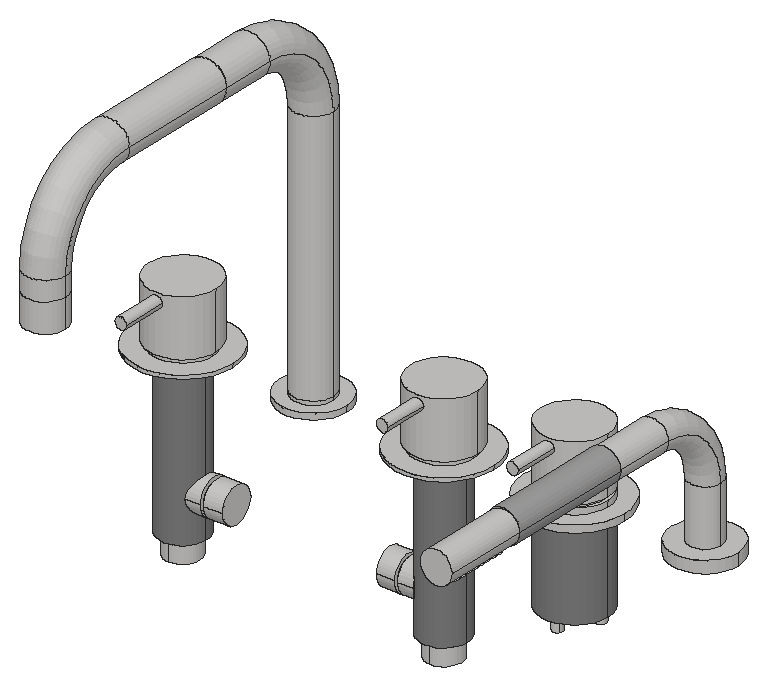
Revit family "SC11", category Plumbing Fixtures, Revit 2021
Family settings
  Round Connector Dimension = Use Diameter
  Part Type = Normal
  Work Plane-Based = No
  Always vertical = Yes
  Cut with Voids When Loaded = No
  Shared = No
  Room Calculation Point = No
Parameters
  e-mail = "info@vola.com"
  URL = "http://vola.com"
  Telephone = "+45 7023 5500"
  Quality management standard = "ISO 9001"
  Organisation no. / DUNS no. = "17531328"
  Occupational health and safety management standard = "ISO 18001"
  Mounting Instructions = "http://vola.com/service/producturl.ashx?name=SC11"
  Model = "SC11"
  Materials and components information = "http://vola.com/service/producturl.ashx?name=SC11"
  Manufacturer = "VOLA A/S"
  Maintenance Instructions = "http://vola.com/service/producturl.ashx?name=SC11"
  Guarantee = "2 years"
  Flow = "30,00 l/min"
  Environmental management standard = "ISO 14000"
  Default Elevation = 0.00 mm
  Connection - All relevant connections = "½\" and 10mm flexible hose"
  Approvals = "http://vola.com/service/producturl.ashx?name=SC11"
Reference planes
  plane 1 "Center (Front/Back)": y = 0
  plane 2: z = 0
  plane 3 "Center (Left/Right)": x = 0
Dimensions and locks
  aligned and locked: plane 2 to level
Nested families
  nested 1: "090D" at (0, 0, 0), type "090D"
  nested 2: "500T1" at (234, 0, 0), type "500T1"
  nested 3: "S50" at (78, 0, 0), type "S50"
  nested 4: "001" at (78, 0, 0), type "001"
  nested 5: "001" at (-78, 0, 0), type "001"
  nested 6: "S50" at (-78, 0, 0) x (-1, 0, 0) z (0, 0, 1), type "S50"
Connectors
  piping at (166.825, 6.25, -63), diameter 6
    settings: on nested 2, index 1, connector inside diameter 0.23622", connector length 0.00 mm, flow factor 0, pipe flow 0 GPM, pressure drop 0.00 psi, fitting loss kfactor 0, connector angle 0.00°, fixture units 0, engagement length 0.00 mm, angle of deflection 0.00°, flow configuration 0, flow direction 1, fitting loss method 0, system type 20, joint type 0, gender type 0, connector reference index -1, connector utility 0, adjustable connector no, is connector primary yes, connector description ""
  piping at (145.175, 6.25, -63), diameter 6
    settings: on nested 2, index 2, connector inside diameter 0.23622", connector length 0.00 mm, flow factor 0, pipe flow 0 GPM, pressure drop 0.00 psi, fitting loss kfactor 0, connector angle 0.00°, fixture units 0, engagement length 0.00 mm, angle of deflection 0.00°, flow configuration 0, flow direction 1, fitting loss method 0, system type 19, joint type 0, gender type 0, connector reference index -1, connector utility 0, adjustable connector no, is connector primary no, connector description ""
  piping at (78, 0, -110), diameter 20.9
    settings: on nested 3, index 3, connector inside diameter 0.82283", connector length 0.00 mm, flow factor 0, pipe flow 0 GPM, pressure drop 0.00 psi, fitting loss kfactor 0, connector angle 0.00°, fixture units 0, engagement length 0.00 mm, angle of deflection 0.00°, flow configuration 0, flow direction 1, fitting loss method 0, system type 20, joint type 0, gender type 0, connector reference index -1, connector utility 0, adjustable connector no, is connector primary no, connector description ""
  piping at (-78, 0, -110), diameter 20.9
    settings: on nested 6, index 4, connector inside diameter 0.82283", connector length 0.00 mm, flow factor 0, pipe flow 0 GPM, pressure drop 0.00 psi, fitting loss kfactor 0, connector angle 0.00°, fixture units 0, engagement length 0.00 mm, angle of deflection 0.00°, flow configuration 0, flow direction 1, fitting loss method 0, system type 19, joint type 0, gender type 0, connector reference index -1, connector utility 0, adjustable connector no, is connector primary no, connector description ""
Definition of nested family "090D"
  Parameters
    e-mail = "info@vola.com"
    URL = "http://vola.com"
    Telephone = "+45 7023 5500"
    Quality management standard = "ISO 9001"
    Organisation no. / DUNS no. = "17531328"
    Occupational health and safety management standard = "ISO 18001"
    Mounting Instructions = "http://vola.com/service/producturl.ashx?name=090D"
    Model = "090D"
    Materials and components information = "http://vola.com/service/producturl.ashx?name=090D"
    Manufacturer = "VOLA A/S"
    Maintenance Instructions = "http://vola.com/service/producturl.ashx?name=090D"
    Guarantee = "2 years"
    Environmental management standard = "ISO 14000"
    Default Elevation = 0.00 mm
    Connection - All relevant connections = ""
    Approvals = "http://vola.com/service/producturl.ashx?name=090D"
  Reference planes
    plane 1 "Center (Front/Back)": y = 0
    plane 2: z = 0
    plane 3 "Center (Left/Right)": x = 0
  Forms (mm)
    Sweep 1, solid
      path origin (0, 0, -1) x (0, 1, 0) y (0, 0, 1)
        loop
          line (0, 6.5) -> (0, 159)
          arc (0, 159) -> (-13.912, 192.588) -> (-47.5, 206.5) r 47.5
          line (-47.5, 206.5) -> (-80, 206.5)
      profile origin (0, 0, 81.75) x (0, -1, 0) y (1, 0, 0)
        loop
          circle (0, 0) r 12
    Extrusion 2, solid
      sketch origin (0, 0, 0) x (1, 0, 0) y (0, 1, 0)
        loop
          circle (0, 0) r 20
      from 0 to 3.5
    Extrusion 3, solid
      sketch origin (0, 0, 3.5) x (1, 0, 0) y (0, 1, 0)
        loop
          circle (0, 0) r 12
      from 0 to 2
    Sweep 4, solid
      path origin (0, 0, 1.5) x (0, 1, 0) y (0, 0, 1)
        loop
          line (-80, 204) -> (-152.5, 204)
          arc (-152.5, 204) -> (-186.088, 190.088) -> (-200, 156.5) r 47.5
          line (-200, 156.5) -> (-200, 145)
      profile origin (0, -116.25, 205.5) x (0, 0, -1) y (1, 0, 0)
        loop
          circle (0, 0) r 12
    Extrusion 5, solid
      sketch origin (0, -200, 146.5) x (0, -1, 0) y (-1, 0, 0)
        loop
          circle (0, 0) r 12
      from 0 to 17.2
  Cuts and joins
    joined: Sweep 1, Extrusion 2
  Dimensions and locks
    aligned and locked: plane 2 to level
Definition of nested family "500T1"
  Parameters
    e-mail = "info@vola.com"
    URL = "http://vola.com"
    Telephone = "+45 7023 5500"
    Quality management standard = "ISO 9001"
    Organisation no. / DUNS no. = "17531328"
    Occupational health and safety management standard = "ISO 18001"
    Mounting Instructions = "http://vola.com/service/producturl.ashx?name=500T1"
    Model = "500T1"
    Materials and components information = "http://vola.com/service/producturl.ashx?name=500T1"
    Manufacturer = "VOLA A/S"
    Maintenance Instructions = "http://vola.com/service/producturl.ashx?name=500T1"
    Guarantee = "2 years"
    Flow = "11,00 l/min"
    Environmental management standard = "ISO 14000"
    Default Elevation = 0.00 mm
    Connection - All relevant connections = "10mm flexible hose"
    Approvals = "http://vola.com/service/producturl.ashx?name=500T1"
  Reference planes
    plane 1 "Center (Front/Back)": y = 0
    plane 2: z = 0
    plane 3 "Center (Left/Right)": x = 0
  Dimensions and locks
    aligned and locked: plane 2 to level
  Nested families
    nested 1: "T1" at (0, 0, 0), type "T1"
    nested 2: "500" at (-78, 0, 0), type "500"
  Connectors
    piping at (-88.825, 6.25, -63), diameter 6
      settings: on nested 2, index 1, connector inside diameter 0.23622", connector length 0.00 mm, flow factor 0, pipe flow 0 GPM, pressure drop 0.00 psi, fitting loss kfactor 0, connector angle 0.00°, fixture units 0, engagement length 0.00 mm, angle of deflection 0.00°, flow configuration 0, flow direction 1, fitting loss method 0, system type 19, joint type 0, gender type 0, connector reference index -1, connector utility 0, adjustable connector no, is connector primary yes, connector description ""
    piping at (-67.175, 6.25, -63), diameter 6
      settings: on nested 2, index 2, connector inside diameter 0.23622", connector length 0.00 mm, flow factor 0, pipe flow 0 GPM, pressure drop 0.00 psi, fitting loss kfactor 0, connector angle 0.00°, fixture units 0, engagement length 0.00 mm, angle of deflection 0.00°, flow configuration 0, flow direction 1, fitting loss method 0, system type 20, joint type 0, gender type 0, connector reference index -1, connector utility 0, adjustable connector no, is connector primary no, connector description ""
  Definition of nested family "T1"
    Parameters
      e-mail = "info@vola.com"
      URL = "http://vola.com"
      Telephone = "+45 7023 5500"
      Quality management standard = "ISO 9001"
      Organisation no. / DUNS no. = "17531328"
      Occupational health and safety management standard = "ISO 18001"
      Mounting Instructions = "http://vola.com/service/producturl.ashx?name=T1"
      Model = "T1"
      Materials and components information = "http://vola.com/service/producturl.ashx?name=T1"
      Manufacturer = "VOLA A/S"
      Maintenance Instructions = "http://vola.com/service/producturl.ashx?name=T1"
      Guarantee = "2 years"
      Environmental management standard = "ISO 14000"
      Default Elevation = 0.00 mm
      Connection - All relevant connections = ""
      Approvals = "http://vola.com/service/producturl.ashx?name=T1"
    Reference planes
      plane 1 "Center (Front/Back)": y = 0
      plane 2: z = 0
      plane 3 "Center (Left/Right)": x = 0
    Forms (mm)
      Extrusion 1, solid
        sketch origin (0, 0, 0) x (1, 0, 0) y (0, 1, 0)
          loop
            circle (0, 0) r 20
        from 0 to 7
      Sweep 2, solid
        path origin (0, 0, 0) x (0, 1, 0) y (0, 0, 1)
          loop
            line (0, 7) -> (0, 40.5)
            arc (0, 40.5) -> (-11.569, 68.431) -> (-39.5, 80) r 39.5
            line (-39.5, 80) -> (-75.5, 80)
        profile origin (0, 0, 23.75) x (0, -1, 0) y (1, 0, 0)
          loop
            circle (0, 0) r 9.5
      Extrusion 3, solid
        sketch origin (0, -75.5, 80) x (1, 0, 0) y (0, 0, 1)
          loop
            circle (0, 0) r 10
        from 0 to 75
      Extrusion 4, solid
        sketch origin (0, -150.5, 80) x (1, 0, 0) y (0, 0, 1)
          loop
            circle (0, 0) r 9.5
        from 0 to 50
      Extrusion 5, solid
        sketch origin (0, 9.25, 62.884) x (1, 0, 0) y (0, 1, 0)
          loop
            circle (0, -200.45) r 1.225
          loop
            circle (0, -195.95) r 1.225
          loop
            circle (0, -191.45) r 1.225
          loop
            circle (0, -186.95) r 1.225
          loop
            circle (0, -182.45) r 1.225
          loop
            circle (0, -177.95) r 1.225
          loop
            circle (0, -173.45) r 1.225
          loop
            circle (0, -168.95) r 1.225
        from 7.116 to 10.217
      Extrusion 6, solid
        sketch origin (8.298, 9.25, 65.03) x (-0.87462, 0, -0.48481) y (0, -1, 0)
          loop
            circle (0, 200.45) r 1.225
          loop
            circle (0, 195.95) r 1.225
          loop
            circle (0, 191.45) r 1.225
          loop
            circle (0, 186.95) r 1.225
          loop
            circle (0, 182.45) r 1.225
          loop
            circle (0, 177.95) r 1.225
          loop
            circle (0, 173.45) r 1.225
          loop
            circle (0, 168.95) r 1.225
        from 7.116 to 10.217
      Extrusion 7, solid
        sketch origin (-8.298, 9.25, 65.03) x (0.87462, 0, -0.48481) y (0, 1, 0)
          loop
            circle (0, -200.45) r 1.225
          loop
            circle (0, -195.95) r 1.225
          loop
            circle (0, -191.45) r 1.225
          loop
            circle (0, -186.95) r 1.225
          loop
            circle (0, -182.45) r 1.225
          loop
            circle (0, -177.95) r 1.225
          loop
            circle (0, -173.45) r 1.225
          loop
            circle (0, -168.95) r 1.225
        from 7.116 to 10.217
    Cuts and joins
      joined: Extrusion 4, Extrusion 5, Extrusion 6, Extrusion 7
    Dimensions and locks
      aligned and locked: plane 2 to level
  Definition of nested family "500"
    Parameters
      e-mail = "info@vola.com"
      URL = "http://vola.com"
      Telephone = "+45 7023 5500"
      Quality management standard = "ISO 9001"
      Organisation no. / DUNS no. = "17531328"
      Occupational health and safety management standard = "ISO 18001"
      Mounting Instructions = "http://vola.com/service/producturl.ashx?name=500"
      Model = "500"
      Materials and components information = "http://vola.com/service/producturl.ashx?name=500"
      Manufacturer = "VOLA A/S"
      Maintenance Instructions = "http://vola.com/service/producturl.ashx?name=500"
      Guarantee = "2 years"
      Flow = "14,50 l/min"
      Environmental management standard = "ISO 14000"
      Default Elevation = 0.00 mm
      Connection - All relevant connections = "10mm flexible hose"
      Approvals = "http://vola.com/service/producturl.ashx?name=500"
    Reference planes
      plane 1 "Center (Front/Back)": y = 0
      plane 2: z = 0
      plane 3 "Center (Left/Right)": x = 0
    Forms (mm)
      Extrusion 1, solid
        sketch origin (0, 0, 0) x (1, 0, 0) y (0, 1, 0)
          loop
            circle (0, 0) r 30
        from 0 to 4
      Extrusion 2, solid
        sketch origin (0, 0, 7.5) x (1, 0, 0) y (0, 1, 0)
          loop
            circle (0, 0) r 18.25
        from 0 to 2
      Extrusion 3, solid
        sketch origin (0, 0, 9.5) x (1, 0, 0) y (0, 1, 0)
          loop
            circle (0, 0) r 20
        from 0 to 33.5
      Extrusion 4, solid
        sketch origin (0, 0, 3.25) x (1, 0, 0) y (0, 0, 1)
          loop
            circle (0, 34.5) r 3.5
        from 0 to 46
      Extrusion 5, solid
        sketch origin (0, 0, 0) x (0, 1, 0) y (1, 0, 0)
          loop
            circle (0, 0) r 20
        from 0 to 55
      Extrusion 6, solid
        sketch origin (0, 0, -55) x (0, 1, 0) y (1, 0, 0)
          loop
            circle (6.25, 10.825) r 3
          loop
            circle (6.25, -10.825) r 3
          loop
            circle (-12.5, 0) r 3
        from 0 to 8
      Extrusion 7, solid
        sketch origin (0, 0, 4) x (1, 0, 0) y (0, 1, 0)
          loop
            circle (0, 0) r 20
        from 0 to 3.5
    Cuts and joins
      joined: Extrusion 3, Extrusion 4
    Lines and regions (mm)
      model lines
        curve 1: line (6.05, -19.063, 43) -> (6.05, 19.063, 43)
        curve 2: line (-6.05, -19.063, 43) -> (-6.05, 19.063, 43)
      reference lines
        curve 3: line (-10.825, 6.25, -55) -> (-10.825, 6.25, -80)
        curve 4: line (10.825, 6.25, -55) -> (10.825, 6.25, -80)
    Dimensions and locks
      aligned and locked: plane 2 to level
Definition of nested family "S50"
  Parameters
    e-mail = "info@vola.com"
    URL = "http://vola.com"
    Telephone = "+45 7023 5500"
    Quality management standard = "ISO 9001"
    Organisation no. / DUNS no. = "17531328"
    Occupational health and safety management standard = "ISO 18001"
    Mounting Instructions = "http://vola.com/service/producturl.ashx?name=S50"
    Model = "S50"
    Materials and components information = "http://vola.com/service/producturl.ashx?name=S50"
    Manufacturer = "VOLA A/S"
    Maintenance Instructions = "http://vola.com/service/producturl.ashx?name=S50"
    Guarantee = "2 years"
    Flow = "32,00 l/min"
    Environmental management standard = "ISO 14000"
    Default Elevation = 0.00 mm
    Connection - All relevant connections = "½\" for water connection"
    Approvals = "http://vola.com/service/producturl.ashx?name=S50"
  Reference planes
    plane 1 "Center (Front/Back)": y = 0
    plane 2: z = 0
    plane 3 "Center (Left/Right)": x = 0
  Forms (mm)
    Extrusion 1, solid
      sketch origin (0, 0, 2) x (1, 0, 0) y (0, 1, 0)
        loop
          circle (0, 0) r 18
      from 0 to 3
    Extrusion 2, solid
      sketch origin (0, 0, 5) x (1, 0, 0) y (0, 1, 0)
        loop
          circle (0, 0) r 20
      from 0 to 33.5
    Extrusion 3, solid
      sketch origin (0, 0, -1.25) x (1, 0, 0) y (0, 0, 1)
        loop
          circle (0, 34.5) r 3.5
      from 0 to 46
    Extrusion 4, solid
      sketch origin (0, 0, 0) x (1, 0, 0) y (0, 1, 0)
        loop
          circle (0, 0) r 14
      from 2 to -98
    Extrusion 5, solid
      sketch origin (0, 0, -98) x (0, 1, 0) y (1, 0, 0)
        loop
          circle (0, 0) r 9
      from 0 to 2
    Extrusion 6, solid
      sketch origin (0, 0, -100) x (-1, 0, 0) y (0, 1, 0)
        loop
          circle (0, 0) r 10.45
      from 10 to 0
    Extrusion 7, solid
      sketch origin (0, 0, 25) x (0, 1, 0) y (0, 0, 1)
        loop
          circle (0, -98) r 10.5
      from -19 to 0
    Extrusion 8, solid
      sketch origin (-19, 0, 25) x (0, -1, 0) y (0, 0, 1)
        loop
          circle (0, -98) r 9
      from 2 to 0
    Extrusion 9, solid
      sketch origin (-21, 0, 25) x (0, -1, 0) y (0, 0, 1)
        loop
          circle (0, -98) r 10.45
      from 11 to 0
    Extrusion 10, void
      sketch origin (0, 0, -98) x (1, 0, 0) y (0, 1, 0)
        loop
          circle (0, 0) r 14
      from 41.193 to 9.651
  Cuts and joins
    joined: Extrusion 2, Extrusion 3
    Extrusion 10 cuts Extrusion 5
    Extrusion 10 cuts Extrusion 7
  Lines and regions (mm)
    reference lines
      curve 1: line (0, 0, -110) -> (0, 0, -140)
      curve 2: line (-32, 0, -73) -> (-62, 0, -73)
    model lines
      curve 3: line (6.05, 19.063, 38.5) -> (6.05, -19.063, 38.5)
      curve 4: line (-6.05, -19.063, 38.5) -> (-6.05, 19.063, 38.5)
  Dimensions and locks
    aligned and locked: plane 2 to level
Definition of nested family "001"
  Parameters
    e-mail = "info@vola.com"
    URL = "http://vola.com"
    Telephone = "+45 7023 5500"
    Quality management standard = "ISO 9001"
    Organisation no. / DUNS no. = "17531328"
    Occupational health and safety management standard = "ISO 18001"
    Mounting Instructions = "http://vola.com/service/producturl.ashx?name=001"
    Model = "001"
    Materials and components information = "http://vola.com/service/producturl.ashx?name=001"
    Manufacturer = "VOLA A/S"
    Maintenance Instructions = "http://vola.com/service/producturl.ashx?name=001"
    Guarantee = "2 years"
    Environmental management standard = "ISO 14000"
    Default Elevation = 1219.20 mm
    Connection - All relevant connections = ""
    Approvals = "http://vola.com/service/producturl.ashx?name=001"
  Reference planes
    plane 1 "Center (Front/Back)": y = 0
    plane 2: z = 0
    plane 3 "Center (Left/Right)": x = 0
  Forms (mm)
    Extrusion 1, solid
      sketch origin (0, 0, 0) x (1, 0, 0) y (0, 1, 0)
        loop
          circle (0, 0) r 16.5
        loop
          circle (0, 0) r 30
      from 0 to 2
  Dimensions and locks
    aligned and locked: plane 2 to level
